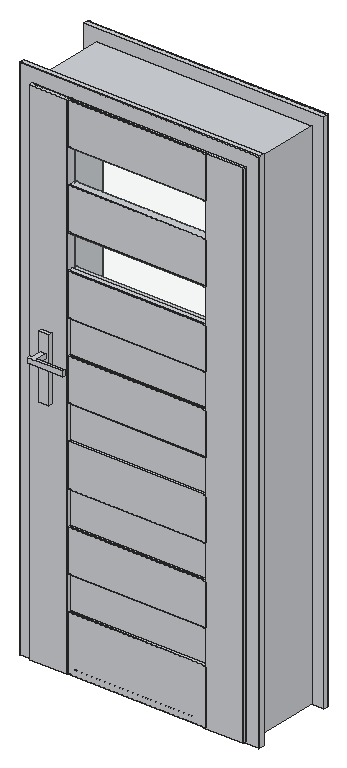
Revit family "porta_koncept_C2_osc_ps", category Drzwi, Revit 2016
Family settings
  Obiekt nadrzędny = Ściana
  Zawsze pionowo = Tak
  Tnij formami wycięć po wczytaniu = Nie
  Współdzielony = Nie
  Punkt obliczania pomieszczeń = Nie
Parameters (values of type "PN 80")
  Zakres szerokości muru [instance] = if(and(Grubość ściany > 94 mm, Grubość ściany < 120 mm), "B", (if(and(Grubość ściany > 119 mm, Grubość ściany < 140 mm), "C", (if(and(Grubość ściany > 139 mm, Grubość ściany < 160 mm), "D", (if(and(Grubość ściany > 159 mm, Grubość ściany < 180 mm), "E", (if(and(Grubość ściany > 179 mm, Grubość ściany < 200 mm), "F", (if(and(Grubość ściany > 199 mm, Grubość ściany < 220 mm), "G", (if(and(Grubość ściany > 219 mm, Grubość ściany < 240 mm), "H", (if(and(Grubość ściany > 239 mm, Grubość ściany < 260 mm), "I", (if(and(Grubość ściany > 259 mm, Grubość ściany < 280 mm), "J", (if(and(Grubość ściany > 279 mm, Grubość ściany < 301 mm), "K", "BRAK")))))))))))))))))))  # "K"
  Wysokość brutto = 2060 mm
  Szerokość brutto = 880 mm
  Model = "Koncept C2"
  Konstrukcja analityczna = "<Brak>"
  Grubość ściany [instance] = 300 mm
  Funkcja = Wewnętrzna
  URL = "www.porta.com.pl"
  Ss = 844 mm
  Sb = 846 mm
  Producent = "PORTA KMI POLAND"
  Keynote = ""
  Description = ""
  Wysokość = 2016 mm
  Zakończenie ściany = Wg obiektu nadrzędnego
  Szerokość = 800 mm
  Materiał_skrzydło [instance] = none
  Materiał_ościeżnica [instance] = none
  Materiał_klamka [instance] = none
  Informacja = "Własność Porta KMI Poland, wszelkie prawa zastrzeżone."  # constant formula
  Hs = 2030 mm
Types (6, lengths in mm): name | Szerokość brutto | Ss | Sb | Description | Szerokość
  PN 70 | 780 | 744 | 746 | "Biblioteki CAD produktów firmy PORTA KMI POLAND wraz z ich wizualizacjami są chronione prawami własności przemysłowej i intelektualnej. Można je wykorzystywać do handlowych celów osobistych poprzez zastosowanie w projektach, jednak nie wolno ich powielać, modyfikować, licencjonować ani publikować, w całości ani w części, chyba że celem przeglądania, bez uprzedniej pisemnej zgody PORTA KMI Poland. www.porta.com.pl" | 700
  PN 60 | 680 | 644 | 646 | "Biblioteki CAD produktów firmy PORTA KMI POLAND wraz z ich wizualizacjami są chronione prawami własności przemysłowej i intelektualnej. Można je wykorzystywać do handlowych celów osobistych poprzez zastosowanie w projektach, jednak nie wolno ich powielać, modyfikować, licencjonować ani publikować, w całości ani w części, chyba że celem przeglądania, bez uprzedniej pisemnej zgody PORTA KMI Poland. www.porta.com.pl" | 600
  PN 80 | 880 | 844 | 846 | "" | 800
  PN 90 | 980 | 944 | 946 | "Biblioteki CAD produktów firmy PORTA KMI POLAND wraz z ich wizualizacjami są chronione prawami własności przemysłowej i intelektualnej. Można je wykorzystywać do handlowych celów osobistych poprzez zastosowanie w projektach, jednak nie wolno ich powielać, modyfikować, licencjonować ani publikować, w całości ani w części, chyba że celem przeglądania, bez uprzedniej pisemnej zgody PORTA KMI Poland. www.porta.com.pl" | 900
  PN 100 | 1080 | 1044 | 1046 | "Biblioteki CAD produktów firmy PORTA KMI POLAND wraz z ich wizualizacjami są chronione prawami własności przemysłowej i intelektualnej. Można je wykorzystywać do handlowych celów osobistych poprzez zastosowanie w projektach, jednak nie wolno ich powielać, modyfikować, licencjonować ani publikować, w całości ani w części, chyba że celem przeglądania, bez uprzedniej pisemnej zgody PORTA KMI Poland. www.porta.com.pl" | 1000
  PN 110 | 1180 | 1144 | 1146 | "Biblioteki CAD produktów firmy PORTA KMI POLAND wraz z ich wizualizacjami są chronione prawami własności przemysłowej i intelektualnej. Można je wykorzystywać do handlowych celów osobistych poprzez zastosowanie w projektach, jednak nie wolno ich powielać, modyfikować, licencjonować ani publikować, w całości ani w części, chyba że celem przeglądania, bez uprzedniej pisemnej zgody PORTA KMI Poland. www.porta.com.pl" | 1100
Reference planes
  plane 1: y = 0
  plane 2 "Środek (Lewa/Prawa)": x = 0
  plane 3 "Lewy": x = -440
  plane 4 "Prawy": x = 440
  plane 5: z = 2060
  plane 6 "Zewnętrzna": y = 150
  plane 7 "Wewnętrzna": y = -150
  plane 8 "skrzydło": y = -144.5
Forms (mm)
  Sweep 1, solid, material <- "Materiał_ościeżnica"
    path in 3D
      loop
        line (-440, -150, 0) -> (-440, -150, 2060) -> (440, -150, 2060) -> (440, -150, 0)
    profile origin (-440, -150, 1030) x (0, -1, 0) y (1, 0, 0)
      loop
        line (-10, 39) -> (-72, 39) -> (-72, 17) -> (0, 17) -> (0, -33) -> (16, -33)
        arc (16, -33) -> (18.121, -32.121) -> (19, -30) r 3
        line (19, -30) -> (19, 24)
        arc (19, 24) -> (18.121, 26.121) -> (16, 27) r 3
        line (16, 27) -> (-10, 27) -> (-10, 39)
  Sweep 2, solid, material <- "Materiał_ościeżnica"
    path in 3D
      loop
        line (440, 150, 0) -> (440, 150, 2060) -> (-440, 150, 2060) -> (-440, 150, 0)
    profile origin (-440, 150, 1030) x (1, 0, 0) y (0, 1, 0)
      loop
        line (-33, 0) -> (17, 0) -> (17, -228) -> (39, -228) -> (39, -1)
        arc (39, -1) -> (37.536, 2.536) -> (34, 4) r 5
        line (34, 4) -> (25, 4) -> (25, 16)
        arc (25, 16) -> (24.121, 18.121) -> (22, 19) r 3
        line (22, 19) -> (-30, 19)
        arc (-30, 19) -> (-32.121, 18.121) -> (-33, 16) r 3
        line (-33, 16) -> (-33, 0)
  Sweep 3, solid, not visible
    path in 3D
      loop
        line (-440, -150, 0) -> (-440, -150, 2060)
    profile origin (-440, -150, 1030) x (0, -1, 0) y (1, 0, 0)
      loop
        line (-151, 17) -> (-149, 17) -> (-149, 19) -> (-151, 19) -> (-151, 17)
Cuts and joins
  joined: Sweep 1, Sweep 2
Lines and regions (mm)
  Opening 1
    outline origin (-3050, -150, 0) x (1, 0, 0) y (0, 0, 1)
      loop
        line (2610, 0) -> (3490, 0) -> (3490, 2060) -> (2610, 2060) -> (2610, 0)
  sketch lines
    curve 1: line (-440, -150, 0) -> (-440, -150, 2060)
    curve 2: line (-440, -150, 2060) -> (440, -150, 2060)
    curve 3: line (440, -150, 2060) -> (440, -150, 0)
    curve 4: line (-440, 150, 2060) -> (-440, 150, 0)
    curve 5: line (440, 150, 2060) -> (-440, 150, 2060)
    curve 6: line (440, 150, 0) -> (440, 150, 2060)
    curve 12: line (-440, -150, 0) -> (-440, -150, 2060)
  symbolic lines, style "DoorsPanelProjection"
    curve 7: line (422, -150, 0) -> (422, -994, 0)
    curve 8: line (422, -994, 0) -> (382, -994, 0)
    curve 9: line (382, -994, 0) -> (382, -150, 0)
    curve 10: line (382, -150, 0) -> (422, -150, 0)
  symbolic lines, style "Ugięcie rzutu"
    curve 11: arc (-422, -150, 0) -> (-174.798, -746.798, 0) -> (422, -994, 0) r 844
Text (mm)
  text "Zewnętrzna" at (-2295.016, 1099.543, 0), in view "Poziom odniesienia"
  text "Zewnętrzna" at (0, 1615.38, 3698.081), in view "Lewy"
  text "Zewnętrzna" at (0, 1036.032, 3874.932), in view "Prawy"
Dimensions and locks
  equal spacing: plane 3 "Lewy", plane 2 "Środek (Lewa/Prawa)", plane 4 "Prawy"
  "Szerokość brutto": plane 3 "Lewy" to plane 4 "Prawy"
  "Wysokość brutto": plane 5 to host wall
  host wall to plane 5 = 2060 mm  (x2)
  locked: plane 6 "Zewnętrzna" to host wall at 0
  locked: plane 7 "Wewnętrzna" to host wall
  "Sb": Sweep 1 to Sweep 1
  locked: Sweep 1 sketch curve to Sweep 1 sketch curve at 22
  Sweep 1 sketch curve to Sweep 1 sketch curve = 50 mm
  locked: Sweep 1 sketch curve to profile plane at 72
  locked: Sweep 2 sketch curve to Sweep 2 sketch curve at 50
  locked: Sweep 2 sketch curve to Sweep 2 sketch curve at 22
  locked: Sweep 2 sketch curve to plane 6 "Zewnętrzna" at 1
  locked: curve 9 to curve 7 at 40
  "Ss": curve 8 to curve 10
  equal spacing: curve 11, plane 2 "Środek (Lewa/Prawa)", curve 7
  locked: plane 7 "Wewnętrzna" to plane 8 "skrzydło" at 5.5
  locked: host wall to Sweep 3 sketch curve at 1
  locked: Sweep 3 sketch curve to host wall at 1
  locked: Sweep 3 sketch curve to plane 6 "Zewnętrzna" at 151
  locked: plane 7 "Wewnętrzna" to Sweep 3 sketch curve at 151
  equal spacing: nested 1, plane 2 "Środek (Lewa/Prawa)", nested 1
  locked: nested 1 to level at 8
  "Grubość ściany": host wall to host wall
  aligned and locked: plane 3 "Lewy" to Opening 1 sketch curve
  aligned and locked: plane 5 to Opening 1 sketch curve  (x2)
  aligned and locked: Opening 1 sketch curve to plane 4 "Prawy"
  aligned and locked: Opening 1 sketch curve to level
  aligned and locked: plane 1 to host wall
  aligned and locked: Sweep 1 to Sweep 2 sketch curve
  aligned and locked: plane 7 "Wewnętrzna" to curve 10
  aligned and locked: Sweep 3 sketch curve to cut or joined group of Sweep 1, Sweep 2
  aligned and locked: Sweep 2 sketch curve to cut or joined group of Sweep 1, Sweep 2
  aligned and locked: nested 1 to plane 8 "skrzydło"
Automatic sketch dimensions
  profile plane to Sweep 1 sketch curve = 10 mm
  Sweep 1 sketch curve to profile plane = 16 mm  (x2)
  Sweep 1 sketch curve to Sweep 1 sketch curve = 3 mm
  profile plane to Sweep 1 sketch curve = 17 mm
  Sweep 1 sketch curve to Sweep 1 sketch curve = 7 mm
  Sweep 1 sketch curve to profile plane = 0 mm
  Sweep 2 sketch curve to profile plane = 0 mm
  Sweep 2 sketch curve to profile plane = 16 mm
  Sweep 2 sketch curve to Sweep 2 sketch curve = 3 mm
  Sweep 2 sketch curve to Sweep 2 sketch curve = 5 mm
  Sweep 2 sketch curve to profile plane = 4 mm
  Sweep 2 sketch curve to Sweep 2 sketch curve = 8 mm
  curve 11 to host wall = 0 mm
  Sweep 3 sketch curve to Sweep 3 sketch curve = 2 mm
Nested families
  nested 1: "skrzydło" at (0, -151, 0), Materiał_klamka <- "Materiał_klamka", Materiał_skrzydło <- "Materiał_skrzydło", type "skrzydło"
    with Materiał_skrzydło none, Materiał_klamka none
Definition of nested family "skrzydło"
  Parameters
    Ss = 844 mm
    Materiał_skrzydło [instance] = none
    Materiał_klamka [instance] = none
    Hs = 2030 mm
  Reference planes
    plane 1 "Tył": y = 6.5
    plane 2: z = 0
    plane 3 "Środek (Lewa/Prawa)": x = 0
    plane 4 "Lewa": x = -422
    plane 5 "Prawa": x = 422
    plane 6 "Przód": y = -33.5
    plane 7: z = 2038
    plane 8 "Centrum": y = -13.5
    plane 9: x = -409
    plane 10: z = 8
    plane 11: x = 409
    plane 12: x = -272
    plane 13: x = 272
    plane 14: z = 2025
  Forms (mm)
    Extrusion 1, solid, material <- "Materiał_skrzydło"
      sketch origin (-1191.728, -1524, 8) x (-1, 0, 0) y (0, -1, 0)
        loop
          line (-1465.378, -1490.5) -> (-1612.078, -1490.5)
          arc (-1612.078, -1490.5) -> (-1613.244, -1490.983) -> (-1613.728, -1492.15) r 1.65
          line (-1613.728, -1492.15) -> (-1613.728, -1501.85)
          arc (-1613.728, -1501.85) -> (-1613.244, -1503.017) -> (-1612.078, -1503.5) r 1.65
          line (-1612.078, -1503.5) -> (-1602.078, -1503.5)
          arc (-1602.078, -1503.5) -> (-1601.123, -1503.895) -> (-1600.728, -1504.85) r 1.35
          line (-1600.728, -1504.85) -> (-1600.728, -1528.85)
          arc (-1600.728, -1528.85) -> (-1600.244, -1530.017) -> (-1599.078, -1530.5) r 1.65
          line (-1599.078, -1530.5) -> (-1465.378, -1530.5)
          arc (-1465.378, -1530.5) -> (-1464.211, -1530.017) -> (-1463.728, -1528.85) r 1.65
          line (-1463.728, -1528.85) -> (-1463.728, -1492.15)
          arc (-1463.728, -1492.15) -> (-1464.211, -1490.983) -> (-1465.378, -1490.5) r 1.65
      from 0 to 2030
    Extrusion 2, void
      sketch origin (0, 0, 0) x (0, -1, 0) y (0, 0, 1)
        loop
          line (-6.5, 2025) -> (20.5, 2025) -> (20.5, 2038) -> (-6.5, 2038) -> (-6.5, 2025)
      from -422 to 422
    Extrusion 3, solid, material <- "Materiał_skrzydło"
      sketch origin (0, 0, 0) x (0, 1, 0) y (0, 0, 1)
        loop
          line (4, 1869.65) -> (4, 2023.35)
          arc (4, 2023.35) -> (3.517, 2024.517) -> (2.35, 2025) r 1.65
          line (2.35, 2025) -> (-19.15, 2025)
          arc (-19.15, 2025) -> (-20.105, 2025.395) -> (-20.5, 2026.35) r 1.35
          line (-20.5, 2026.35) -> (-20.5, 2036.35)
          arc (-20.5, 2036.35) -> (-20.983, 2037.517) -> (-22.15, 2038) r 1.65
          line (-22.15, 2038) -> (-29.35, 2038)
          arc (-29.35, 2038) -> (-30.517, 2037.517) -> (-31, 2036.35) r 1.65
          line (-31, 2036.35) -> (-31, 1869.65)
          arc (-31, 1869.65) -> (-30.517, 1868.483) -> (-29.35, 1868) r 1.65
          line (-29.35, 1868) -> (2.35, 1868)
          arc (2.35, 1868) -> (3.517, 1868.483) -> (4, 1869.65) r 1.65
        loop
          line (2.35, 228) -> (-29.35, 228)
          arc (-29.35, 228) -> (-30.517, 227.517) -> (-31, 226.35) r 1.65
          line (-31, 226.35) -> (-31, 9.65)
          arc (-31, 9.65) -> (-30.517, 8.483) -> (-29.35, 8) r 1.65
          line (-29.35, 8) -> (-25, 8)
          arc (-25, 8) -> (-23.833, 8.483) -> (-23.35, 9.65) r 1.65
          arc (-23.35, 9.65) -> (-22.955, 10.605) -> (-22, 11) r 1.35
          line (-22, 11) -> (-5, 11)
          arc (-5, 11) -> (-4.045, 10.605) -> (-3.65, 9.65) r 1.35
          arc (-3.65, 9.65) -> (-3.167, 8.483) -> (-2, 8) r 1.65
          line (-2, 8) -> (2.35, 8)
          arc (2.35, 8) -> (3.517, 8.483) -> (4, 9.65) r 1.65
          line (4, 9.65) -> (4, 226.35)
          arc (4, 226.35) -> (3.517, 227.517) -> (2.35, 228) r 1.65
        loop
          line (2.35, 529.7) -> (-29.35, 529.7)
          arc (-29.35, 529.7) -> (-30.517, 529.217) -> (-31, 528.05) r 1.65
          line (-31, 528.05) -> (-31, 361.35)
          arc (-31, 361.35) -> (-30.517, 360.183) -> (-29.35, 359.7) r 1.65
          line (-29.35, 359.7) -> (2.35, 359.7)
          arc (2.35, 359.7) -> (3.517, 360.183) -> (4, 361.35) r 1.65
          line (4, 361.35) -> (4, 528.05)
          arc (4, 528.05) -> (3.517, 529.217) -> (2.35, 529.7) r 1.65
        loop
          line (2.35, 831.4) -> (-29.35, 831.4)
          arc (-29.35, 831.4) -> (-30.517, 830.917) -> (-31, 829.75) r 1.65
          line (-31, 829.75) -> (-31, 663.05)
          arc (-31, 663.05) -> (-30.517, 661.883) -> (-29.35, 661.4) r 1.65
          line (-29.35, 661.4) -> (2.35, 661.4)
          arc (2.35, 661.4) -> (3.517, 661.883) -> (4, 663.05) r 1.65
          line (4, 663.05) -> (4, 829.75)
          arc (4, 829.75) -> (3.517, 830.917) -> (2.35, 831.4) r 1.65
        loop
          line (2.35, 1133.1) -> (-29.35, 1133.1)
          arc (-29.35, 1133.1) -> (-30.517, 1132.617) -> (-31, 1131.45) r 1.65
          line (-31, 1131.45) -> (-31, 964.75)
          arc (-31, 964.75) -> (-30.517, 963.583) -> (-29.35, 963.1) r 1.65
          line (-29.35, 963.1) -> (2.35, 963.1)
          arc (2.35, 963.1) -> (3.517, 963.583) -> (4, 964.75) r 1.65
          line (4, 964.75) -> (4, 1131.45)
          arc (4, 1131.45) -> (3.517, 1132.617) -> (2.35, 1133.1) r 1.65
        loop
          line (2.35, 1434.8) -> (-29.35, 1434.8)
          arc (-29.35, 1434.8) -> (-30.517, 1434.317) -> (-31, 1433.15) r 1.65
          line (-31, 1433.15) -> (-31, 1266.45)
          arc (-31, 1266.45) -> (-30.517, 1265.283) -> (-29.35, 1264.8) r 1.65
          line (-29.35, 1264.8) -> (2.35, 1264.8)
          arc (2.35, 1264.8) -> (3.517, 1265.283) -> (4, 1266.45) r 1.65
          line (4, 1266.45) -> (4, 1433.15)
          arc (4, 1433.15) -> (3.517, 1434.317) -> (2.35, 1434.8) r 1.65
        loop
          line (2.35, 1736.5) -> (-29.35, 1736.5)
          arc (-29.35, 1736.5) -> (-30.517, 1736.017) -> (-31, 1734.85) r 1.65
          line (-31, 1734.85) -> (-31, 1568.15)
          arc (-31, 1568.15) -> (-30.517, 1566.983) -> (-29.35, 1566.5) r 1.65
          line (-29.35, 1566.5) -> (2.35, 1566.5)
          arc (2.35, 1566.5) -> (3.517, 1566.983) -> (4, 1568.15) r 1.65
          line (4, 1568.15) -> (4, 1734.85)
          arc (4, 1734.85) -> (3.517, 1736.017) -> (2.35, 1736.5) r 1.65
      from -272 to 272
    Extrusion 4, solid
      sketch origin (-892.016, -13.5, 1200) x (-1, 0, 0) y (0, 0, 1)
        loop
          line (-620.016, 668) -> (-1164.016, 668) -> (-1164.016, 234.8) -> (-620.016, 234.8) -> (-620.016, 668)
      from -2 to 2
    Extrusion 5, solid, material <- "Materiał_skrzydło"
      sketch origin (-892.016, -13.5, 1200) x (-1, 0, 0) y (0, 0, 1)
        loop
          line (-620.016, -972) -> (-620.016, 64.8) -> (-1164.016, 64.8) -> (-1164.016, -972) -> (-620.016, -972)
      from -6 to 6
    Extrusion 6, solid, material <- "Materiał_skrzydło"
      sketch origin (-1191.728, -1524, 8) x (-1, 0, 0) y (0, -1, 0)
        loop
          arc (-918.078, -1490.5) -> (-919.244, -1490.983) -> (-919.728, -1492.15) r 1.65
          line (-919.728, -1492.15) -> (-919.728, -1528.85)
          arc (-919.728, -1528.85) -> (-919.244, -1530.017) -> (-918.078, -1530.5) r 1.65
          line (-918.078, -1530.5) -> (-784.378, -1530.5)
          arc (-784.378, -1530.5) -> (-783.211, -1530.017) -> (-782.728, -1528.85) r 1.65
          line (-782.728, -1528.85) -> (-782.728, -1504.85)
          arc (-782.728, -1504.85) -> (-782.332, -1503.895) -> (-781.378, -1503.5) r 1.35
          line (-781.378, -1503.5) -> (-771.378, -1503.5)
          arc (-771.378, -1503.5) -> (-770.211, -1503.017) -> (-769.728, -1501.85) r 1.65
          line (-769.728, -1501.85) -> (-769.728, -1492.15)
          arc (-769.728, -1492.15) -> (-770.211, -1490.983) -> (-771.378, -1490.5) r 1.65
          line (-771.378, -1490.5) -> (-918.078, -1490.5)
      from 0 to 2030
  Cuts and joins
    Extrusion 2 cuts Extrusion 1
    Extrusion 2 cuts Extrusion 6
  Dimensions and locks
    equal spacing: plane 4 "Lewa", plane 3 "Środek (Lewa/Prawa)", plane 5 "Prawa"
    "Ss": plane 4 "Lewa" to plane 5 "Prawa"
    locked: plane 4 "Lewa" to plane 9 at 13
    locked: plane 10 to level at 8
    "Hs": plane 7 to plane 10
    locked: plane 5 "Prawa" to plane 11 at 13
    locked: plane 9 to nested 1 at 35
    locked: nested 1 to plane 10 at 934
    locked: plane 10 to nested 2 at 934
    equal spacing: plane 6 "Przód", plane 8 "Centrum", plane 1 "Tył"
    locked: plane 7 to plane 14 at 13
    locked: plane 12 to plane 4 "Lewa" at 150
    locked: plane 5 "Prawa" to plane 13 at 150
    locked: plane 1 "Tył" to Extrusion 2 sketch curve at 27
    aligned and locked: nested 1 to plane 6 "Przód"
    aligned and locked: plane 5 "Prawa" to Extrusion 1 sketch curve
    aligned and locked: Extrusion 1 sketch curve to plane 11
    aligned and locked: Extrusion 1 sketch curve to plane 1 "Tył"
    aligned and locked: Extrusion 1 sketch curve to plane 6 "Przód"
    aligned and locked: Extrusion 1 sketch curve to plane 13
    aligned and locked: plane 7 to Extrusion 1
    aligned and locked: Extrusion 2 sketch curve to plane 14
    aligned and locked: Extrusion 2 sketch curve to plane 1 "Tył"
    aligned and locked: plane 7 to Extrusion 2 sketch curve
    aligned and locked: Extrusion 2 to plane 4 "Lewa"
    aligned and locked: plane 5 "Prawa" to Extrusion 2
    aligned and locked: Extrusion 3 to plane 12
    aligned and locked: plane 13 to Extrusion 3
    aligned and locked: plane 12 to Extrusion 4 sketch curve
    aligned and locked: plane 13 to Extrusion 4 sketch curve
    aligned and locked: Extrusion 3 to Extrusion 5 sketch curve  (x2)
    aligned and locked: plane 4 "Lewa" to Extrusion 6 sketch curve
    aligned and locked: Extrusion 6 sketch curve to plane 12
    aligned and locked: plane 7 to Extrusion 6
    aligned and locked: nested 2 to nested 1
  Automatic sketch dimensions
    Extrusion 1 sketch curve to Extrusion 1 sketch curve = 1.65 mm  (x4)
    Extrusion 1 sketch curve to Extrusion 1 sketch curve = 1.35 mm
    Extrusion 1 sketch curve to Extrusion 1 sketch curve = 10 mm
    plane 1 "Tył" to Extrusion 1 sketch curve = 25.65 mm
    Extrusion 6 sketch curve to Extrusion 6 sketch curve = 1.65 mm  (x4)
    Extrusion 6 sketch curve to Extrusion 6 sketch curve = 1.35 mm
    Extrusion 6 sketch curve to Extrusion 6 sketch curve = 10 mm
    Extrusion 6 sketch curve to Extrusion 6 sketch curve = 0 mm
    plane 6 "Przód" to Extrusion 6 sketch curve = 40 mm
    Extrusion 6 sketch curve to Extrusion 6 sketch curve = 24 mm
    Extrusion 6 sketch curve to Extrusion 6 sketch curve = 9.7 mm
    Extrusion 3 sketch curve to plane 7 = 0 mm
    Extrusion 3 sketch curve to plane 10 = 0 mm  (x2)
    Extrusion 3 sketch curve to plane 14 = 0 mm
    plane 6 "Przód" to Extrusion 3 sketch curve = 2.5 mm  (x7)
    Extrusion 3 sketch curve to Extrusion 3 sketch curve = 1.65 mm  (x22)
    Extrusion 3 sketch curve to Extrusion 3 sketch curve = 4.35 mm
    Extrusion 3 sketch curve to Extrusion 3 sketch curve = 0 mm  (x2)
    Extrusion 3 sketch curve to Extrusion 3 sketch curve = 7.2 mm
    Extrusion 3 sketch curve to Extrusion 3 sketch curve = 1.35 mm  (x2)
    plane 10 to Extrusion 3 sketch curve = 1.65 mm  (x2)
    plane 8 "Centrum" to Extrusion 3 sketch curve = 8.5 mm
    plane 1 "Tył" to Extrusion 3 sketch curve = 4.15 mm  (x14)
    Extrusion 3 sketch curve to Extrusion 3 sketch curve = 215.35 mm
    Extrusion 3 sketch curve to Extrusion 3 sketch curve = 131.7 mm  (x5)
    Extrusion 3 sketch curve to Extrusion 3 sketch curve = 166.7 mm  (x5)
    Extrusion 3 sketch curve to Extrusion 3 sketch curve = 131.5 mm
    Extrusion 4 sketch curve to plane 14 = 590.2 mm
    Extrusion 4 sketch curve to plane 14 = 157 mm
    plane 10 to Extrusion 5 sketch curve = 220 mm
    Extrusion 5 sketch curve to plane 14 = 760.2 mm
  Nested families
    nested 1: "KLAMKA" at (-354, -33.5, 1067), Materiał klamki <- "Materiał_klamka", type "KLAMKA"
      with Materiał klamki none
    nested 2: "KLAMKA" at (-354, 6.5, 1067), Materiał klamki <- "Materiał_klamka", type "KLAMKA"
      with Materiał klamki none
  Definition of nested family "KLAMKA"
    Parameters
      Materiał klamki [instance] = none
      Assembly Code = ""
      Default Elevation = 1219.2 mm
    Reference planes
      plane 1 "Center (Front/Back)": y = 0
      plane 2: z = 0
      plane 3 "Center (Left/Right)": x = 0
      plane 4: z = 125
      plane 5: z = -125
      plane 6: x = 20
      plane 7: x = -20
      plane 8: y = -70
      plane 9: y = -60
      plane 10: x = 10
      plane 11: x = -10
      plane 12: x = 120
      plane 13: z = 35
      plane 14: z = 55
      plane 15: y = -15
    Forms (mm)
      Extrusion 1, solid, material <- "Materiał klamki"
        sketch origin (0, 0, 0) x (1, 0, 0) y (0, 0, 1)
          loop
            line (-20, 125) -> (-20, -125) -> (20, -125) -> (20, 125) -> (-20, 125)
        from 0 to 15
      Extrusion 2, solid, material <- "Materiał klamki"
        sketch origin (0, 0, 0) x (1, 0, 0) y (0, 1, 0)
          loop
            line (-10, -15) -> (-10, -60) -> (-20, -60) -> (-20, -70) -> (120, -70) -> (120, -60) -> (10, -60) -> (10, -15) -> (-10, -15)
        from 35 to 55
    Dimensions and locks
      equal spacing: plane 4, plane 2, plane 5
      plane 4 to plane 5 = 250 mm
      equal spacing: plane 7, plane 3 "Center (Left/Right)", plane 6
      plane 7 to plane 6 = 40 mm
      plane 8 to plane 1 "Center (Front/Back)" = 70 mm
      plane 11 to plane 3 "Center (Left/Right)" to plane 10 = 10 mm locked, 10 mm locked
      plane 7 to plane 12 = 140 mm
      plane 15 to plane 1 "Center (Front/Back)" = 15 mm
      aligned and locked: plane 7 to Extrusion 1 sketch curve
      aligned and locked: Extrusion 1 sketch curve to plane 4
      aligned and locked: plane 5 to Extrusion 1 sketch curve
      aligned and locked: Extrusion 1 sketch curve to plane 6
      aligned and locked: plane 15 to Extrusion 1
      aligned and locked: Extrusion 1 to plane 1 "Center (Front/Back)"
      aligned and locked: plane 14 to Extrusion 2
      aligned and locked: Extrusion 2 to plane 13
    Automatic sketch dimensions
      Extrusion 2 sketch curve to plane 7 = 0 mm
      Extrusion 2 sketch curve to plane 9 = 0 mm  (x2)
      Extrusion 2 sketch curve to plane 11 = 0 mm
      Extrusion 2 sketch curve to plane 10 = 0 mm
      Extrusion 2 sketch curve to plane 12 = 0 mm
      Extrusion 2 sketch curve to plane 8 = 0 mm
      Extrusion 2 sketch curve to plane 15 = 0 mm
